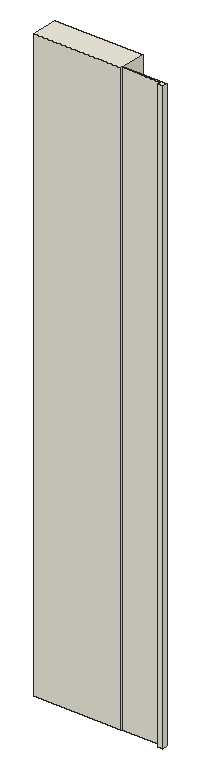
Revit family
Parameters (values of type "For 42”H Cart")
  Width = 0' - 6 3/4"  # constant formula
  URL = "http://www.hermanmiller.com"
  Surface Finish [instance] = Herman Miller - Finish LU Soft White
  Show 3D [instance] = yes
  Show 2D [instance] = yes
  Product Documentation Link = "http://www.hermanmiller.com/proceduresupply"
  Model = "CT710.42R"
  Manufacturer = "Herman Miller, Inc."  # constant formula
  Height = 2' - 6 1/2"  # constant formula
  Description = "Lock Bar 42H Cart Right Lock"
  Depth = 0' - 1 3/8"  # constant formula
  Copyright © = "Copyright © Herman Miller, Inc."  # constant formula
  Catalog = "Carts (HMT)"  # constant formula
Reference planes (in)
  plane 1 "Center (Front/Back)": y = 0
  plane 2: z = 0
  plane 3 "Center (Left/Right)": x = 0
  plane 4 "Front": y = -1.375
  plane 5 "Left": x = -3.375
  plane 6 "Right": x = 3.375
  plane 7 "Left Inset": x = 1.125
  plane 8 "Front Inset": y = -1.25
  plane 9 "Top": z = 30.5
  plane 10 "Center (Elevation)": z = 15.25
  plane 11 "Lock Positon Veritical": z = 22.875
  plane 12 "Bottom Inset": z = 2.75
  plane 13 "Lock Position Horizontal": x = -1.6875
Forms (in)
  Extrusion 1, solid, material "Herman Miller - Finish LU Soft White" <- "Surface Finish", visible <- "Show 3D", detail levels fine
    sketch origin (0, 0, 0) x (1, 0, 0) y (0, 1, 0)
      loop
        line (-3.375, 0) -> (-3.375, -1.375) -> (1.125, -1.375) -> (1.125, -1.3125) -> (3.125, -1.3125) -> (3.125, -1.5) -> (3.375, -1.5) -> (3.375, -1.25) -> (1.125, -1.25) -> (1.125, 0) -> (-3.375, 0)
    from 0 to 30.5
  Extrusion 2, solid, material "Herman Miller - Finish LU Soft White" <- "Surface Finish", visible <- "Show 3D", detail levels coarse+medium
    sketch origin (0, 0, 0) x (1, 0, 0) y (0, 1, 0)
      loop
        line (-3.375, -1.25) -> (-3.375, -1.375) -> (3.375, -1.375) -> (3.375, -1.25) -> (-3.375, -1.25)
    from 0 to 30.5
Lines and regions (in)
  Masking region 1, visible <- "Show 2D"
    outline origin (0, 0, 0) x (1, 0, 0) y (0, 0, 1)
      loop
        line (3.375, 0) -> (3.375, 30.5) -> (-3.375, 30.5) -> (-3.375, 0) -> (3.375, 0)
  Masking region 2, visible <- "Show 2D"
    outline origin (0, 0, 0) x (1, 0, 0) y (0, 1, 0)
      loop
        line (-3.375, 0) -> (-3.375, -1.375) -> (1.125, -1.375) -> (1.125, -1.3125) -> (3.125, -1.3125) -> (3.125, -1.5) -> (3.375, -1.5) -> (3.375, -1.25) -> (1.125, -1.25) -> (1.125, 0) -> (-3.375, 0)
  Masking region 3, visible <- "Show 2D", detail levels coarse+medium
    outline origin (0, 0, 0) x (0, 1, 0) y (0, 0, 1)
      loop
        line (-1.375, 30.5) -> (-1.375, 0) -> (-1.25, 0) -> (-1.25, 30.5) -> (-1.375, 30.5)
  model lines, visible <- "Show 3D", detail levels coarse+medium
    curve 1: line (1.125, -1.375, 0) -> (1.125, -1.375, 30.5)
    curve 2: line (3.125, -1.375, 30.5) -> (3.125, -1.375, 0)
  symbolic lines, visible <- "Show 2D"
    curve 3: line (1.125, 0, 0) -> (1.125, 0, 30.5)
    curve 4: line (3.125, 0, 30.5) -> (3.125, 0, 22.875)
    curve 5: line (3.125, 0, 22.75) -> (3.125, 0, 2.875)
    curve 6: line (3.125, 0, 2.75) -> (3.125, 0, 0)
    curve 7: line (3.125, 0, 2.75) -> (3.125, 0, 2.875)
    curve 8: line (3.125, 0, 22.75) -> (3.125, 0, 22.875)
  model lines, visible <- "Show 3D", detail levels medium+fine
    curve 9: circle (-1.6875, -1.375, 22.875) r 0.25 normal (0, -1, 0)
  symbolic lines, visible <- "Show 2D", detail levels medium+fine
    curve 10: circle (-1.6875, 0, 22.875) r 0.25 normal (0, -1, 0)
Dimensions and locks (in)
  "Depth": plane 1 "Center (Front/Back)" to plane 4 "Front"
  "Width": plane 5 "Left" to plane 6 "Right"
  equal spacing: plane 5 "Left", plane 3 "Center (Left/Right)", plane 6 "Right"
  locked: plane 5 "Left" to plane 7 "Left Inset" at 4.5
  locked: plane 8 "Front Inset" to plane 4 "Front" at 0.125
  locked: Extrusion 1 sketch curve to Extrusion 1 sketch curve at 0.25
  "Height": plane 9 "Top" to plane 2
  equal spacing: plane 9 "Top", plane 10 "Center (Elevation)", plane 2
  locked: plane 12 "Bottom Inset" to plane 2 at 2.75
  equal spacing: plane 9 "Top", plane 11 "Lock Positon Veritical", plane 10 "Center (Elevation)"
  equal spacing: plane 5 "Left", plane 13 "Lock Position Horizontal", plane 3 "Center (Left/Right)"
  aligned and locked: plane 5 "Left" to Extrusion 1 sketch curve
  aligned and locked: plane 1 "Center (Front/Back)" to Extrusion 1 sketch curve
  aligned and locked: plane 6 "Right" to Extrusion 1 sketch curve
  aligned and locked: plane 7 "Left Inset" to Extrusion 1 sketch curve
  aligned and locked: plane 4 "Front" to Extrusion 1 sketch curve
  aligned and locked: Extrusion 1 sketch curve to plane 7 "Left Inset"
  aligned and locked: plane 2 to level
  aligned and locked: plane 9 "Top" to Extrusion 1
  aligned and locked: plane 4 "Front" to Extrusion 2 sketch curve
  aligned and locked: plane 6 "Right" to Extrusion 2 sketch curve
  aligned and locked: Extrusion 2 sketch curve to plane 5 "Left"
  aligned and locked: Extrusion 2 to Extrusion 1
  aligned and locked: Extrusion 1 to plane 2
  aligned and locked: Extrusion 2 to plane 2
  aligned and locked: Masking region 1 sketch curve to plane 9 "Top"
  aligned and locked: plane 6 "Right" to Masking region 1 sketch curve
  aligned and locked: Masking region 1 sketch curve to plane 5 "Left"
  aligned and locked: plane 2 to Masking region 1 sketch curve
  aligned and locked: Masking region 2 sketch curve to Extrusion 2
  aligned and locked: Masking region 2 sketch curve to Extrusion 1  (x7)
  aligned and locked: plane 2 to Masking region 3 sketch curve
  aligned and locked: Masking region 3 sketch curve to plane 9 "Top"
  aligned and locked: curve 3 to Extrusion 1
  aligned and locked: curve 4 to Extrusion 1
  aligned and locked: Extrusion 2 sketch curve to plane 8 "Front Inset"
  aligned and locked: curve 8 to curve 2
  aligned and locked: curve 7 to curve 2
  aligned and locked: Masking region 2 sketch curve to plane 6 "Right"
  aligned and locked: Masking region 3 sketch curve to plane 8 "Front Inset"
  aligned and locked: plane 4 "Front" to Masking region 3 sketch curve
Automatic sketch dimensions
  Extrusion 1 sketch curve to plane 8 "Front Inset" = 0' - 0"
  Extrusion 1 sketch curve to plane 8 "Front Inset" = 0' - 0 1/16"
  plane 6 "Right" to Extrusion 1 sketch curve = 0' - 0 1/4"
  curve 2 to plane 9 "Top" = 0' - 0"
  curve 2 to level = 0' - 0"
  curve 1 to plane 7 "Left Inset" = 0' - 0"
  curve 1 to level = 0' - 0"
  curve 1 to plane 9 "Top" = 0' - 0"
  plane 6 "Right" to curve 2 = 0' - 0 1/4"
  curve 9 to plane 11 "Lock Positon Veritical" = 0' - 0"
  curve 9 to plane 13 "Lock Position Horizontal" = 0' - 0"
  curve 10 to plane 11 "Lock Positon Veritical" = 0' - 0"
  curve 10 to plane 13 "Lock Position Horizontal" = 0' - 0"
  curve 6 to level = 0' - 0"
  curve 3 to level = 0' - 0"
  curve 7 to plane 12 "Bottom Inset" = 0' - 0"
  curve 8 to plane 11 "Lock Positon Veritical" = 0' - 0"
  curve 3 to plane 9 "Top" = 0' - 0"
  curve 4 to plane 9 "Top" = 0' - 0"
  plane 12 "Bottom Inset" to curve 5 = 0' - 0 1/8"
  curve 8 to curve 4 = 0' - 0 1/8"
  plane 4 "Front" to Masking region 2 sketch curve = 0' - 0 1/16"
  radius of curve 9 = 0' - 0 1/4"
  radius of curve 10 = 0' - 0 1/4"
